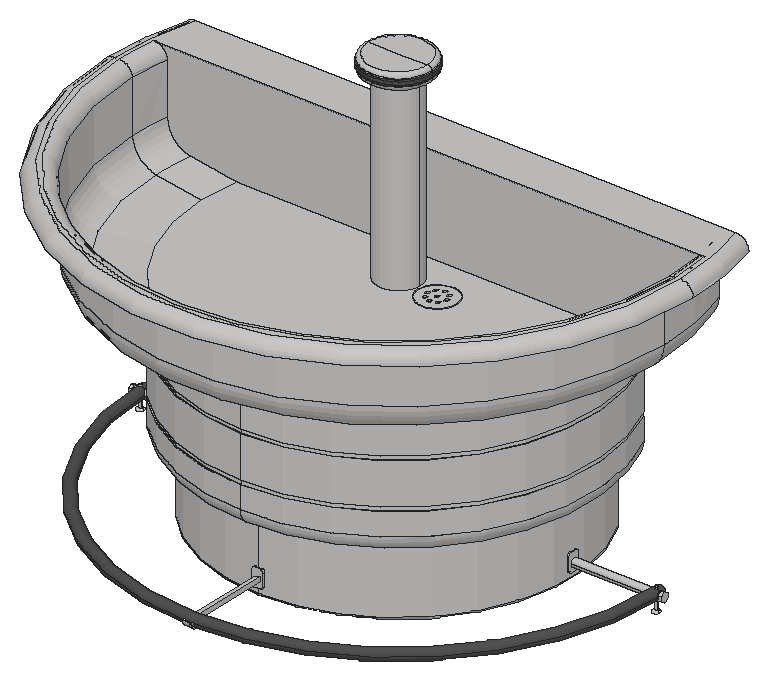
Revit family "Washfountain_Lavatory-Bradley_Corp-WF2704-Type_O_Drain", category Plumbing Fixtures, Revit 2012 (continued)
Lines and regions (in)
  symbolic lines, detail levels medium+fine
    curve 166: line (-18.8966, -5.4365, 28) -> (18.90883, -5.4365, 28)
    curve 176: circle (0, -7.6967, 37.375) r 2.75 normal (0, 0, 1)
    curve 180: arc (-21.2101, -7.75, 28) -> (-20.53249, -6.11411, 28) -> (-18.8966, -5.4365, 28) r 2.3135
    curve 181: arc (21.22689, -7.75456, 28) -> (20.54794, -6.11544, 28) -> (18.90883, -5.4365, 28) r 2.31806
  symbolic lines, visible <- "Sensor Module"
    curve 41: line (-1.99987, -7.6967, 38.03462) -> (1.99987, -7.6967, 38.03462)
    curve 57: line (0, -5.6967, 38.03462) -> (0, -9.69657, 38.03462)
  symbolic lines, visible <- "Sensor Module", detail levels fine
    curve 42: line (-4.49987, -7.6967, 40.30962) -> (4.49987, -7.6967, 40.30962)
    curve 59: line (0, -3.1967, 40.30962) -> (0, -12.1967, 40.30962)
  symbolic lines, visible <- "Sensor Module", detail levels medium
    curve 43: line (-4.57537, -7.6967, 38.86012) -> (4.57537, -7.6967, 38.86012)
    curve 58: line (0, -3.12133, 38.86012) -> (0, -12.27207, 38.86012)
  symbolic lines, visible <- "Soap Dispenser", detail levels medium+fine
    curve 44: line (-6.13971, -7.6967, 44.87453) -> (6.13971, -7.6967, 44.87453)
    curve 60: line (0, -13.83546, 44.87453) -> (0, -5.4467, 44.87453)
    curve 172: line (-4.15684, -5.4467, 45.875) -> (-4.15684, -7.6967, 45.875)
    curve 173: arc (4.15684, -7.6967, 45.875) -> (0, -11.85353, 45.875) -> (-4.15684, -7.6967, 45.875) r 4.15684
    curve 174: line (4.15684, -5.4467, 45.875) -> (4.15684, -7.6967, 45.875)
  symbolic lines, visible <- "Soap Dispenser", detail levels fine
    curve 45: line (6.13971, -7.6967, 45.49971) -> (-6.13971, -7.6967, 45.49971)
    curve 46: line (-5.98301, -7.6967, 44.23265) -> (5.98301, -7.6967, 44.23265)
    curve 47: line (5.93039, -7.6967, 42.98265) -> (-5.93039, -7.6967, 42.98265)
    curve 48: line (-5.87777, -7.6967, 41.73265) -> (5.87777, -7.6967, 41.73265)
    curve 49: line (5.81, -7.6967, 40.48265) -> (-5.81, -7.6967, 40.48265)
    curve 61: line (0, -13.83546, 45.49971) -> (0, -5.4467, 45.49971)
    curve 62: line (0, -13.67876, 44.23265) -> (0, -5.4467, 44.23265)
    curve 63: line (0, -13.62614, 42.98265) -> (0, -5.4467, 42.98265)
    curve 64: line (0, -13.57352, 41.73265) -> (0, -5.4467, 41.73265)
    curve 65: line (0, -13.50574, 40.48265) -> (0, -5.4467, 40.48265)
  model lines, visible <- "Towel Dispenser", detail levels fine
    curve 79: spline (-9.02868, -6.55856, 52.12502) -> (-8.93498, -6.72086, 55.16615) -> (-8.66025, -7.1967, 58.00002) -> (-8.22323, -7.95365, 60.43353) -> (-7.65368, -8.94013, 62.30082) -> (-6.99044, -10.08891, 63.47465) -> (-6.27868, -11.3217, 63.87502) -> (-5.56693, -12.55449, 63.47465) -> (-4.90368, -13.70327, 62.30082) -> (-4.33414, -14.68975, 60.43353) -> (-3.89711, -15.4467, 58.00002) -> (-3.62239, -15.92254, 55.16615) -> (-3.52868, -16.08484, 52.12502)
    curve 80: spline (3.52868, -16.08484, 52.12502) -> (3.62239, -15.92254, 55.16615) -> (3.89711, -15.4467, 58.00002) -> (4.33414, -14.68975, 60.43353) -> (4.90368, -13.70327, 62.30082) -> (5.56693, -12.55449, 63.47465) -> (6.27868, -11.3217, 63.87502) -> (6.99044, -10.08891, 63.47465) -> (7.65368, -8.94013, 62.30082) -> (8.22323, -7.95365, 60.43353) -> (8.66025, -7.1967, 58.00002) -> (8.93498, -6.72086, 55.16615) -> (9.02868, -6.55856, 52.12502)
    curve 81: spline (4.50718, -14.39003, 54.72702) -> (4.52698, -14.35573, 54.7611) -> (4.54543, -14.32377, 54.861) -> (4.56128, -14.29633, 55.01992) -> (4.57344, -14.27528, 55.22702) -> (4.58108, -14.26204, 55.4682) -> (4.58368, -14.25752, 55.72702) -> (4.58108, -14.26204, 55.98584) -> (4.57344, -14.27528, 56.22702) -> (4.56128, -14.29633, 56.43413) -> (4.54543, -14.32377, 56.59305) -> (4.52698, -14.35573, 56.69295) -> (4.50718, -14.39003, 56.72702) -> (4.48738, -14.42432, 56.69295) -> (4.46893, -14.45628, 56.59305) -> (4.45309, -14.48372, 56.43413) -> (4.44093, -14.50478, 56.22702) -> (4.43329, -14.51801, 55.98584) -> (4.43068, -14.52253, 55.72702) -> (4.43329, -14.51801, 55.4682) -> (4.44093, -14.50478, 55.22702) -> (4.45309, -14.48372, 55.01992) -> (4.46893, -14.45628, 54.861) -> (4.48738, -14.42432, 54.7611) -> (4.50718, -14.39003, 54.72702)
    curve 82: spline (-8.05018, -8.25337, 54.72702) -> (-8.03038, -8.28766, 54.7611) -> (-8.01193, -8.31962, 54.861) -> (-7.99609, -8.34706, 55.01992) -> (-7.98393, -8.36812, 55.22702) -> (-7.97629, -8.38136, 55.4682) -> (-7.97368, -8.38587, 55.72702) -> (-7.97629, -8.38136, 55.98584) -> (-7.98393, -8.36812, 56.22702) -> (-7.99609, -8.34706, 56.43413) -> (-8.01193, -8.31962, 56.59305) -> (-8.03038, -8.28766, 56.69295) -> (-8.05018, -8.25337, 56.72702) -> (-8.06998, -8.21907, 56.69295) -> (-8.08843, -8.18712, 56.59305) -> (-8.10428, -8.15968, 56.43413) -> (-8.11644, -8.13862, 56.22702) -> (-8.12408, -8.12538, 55.98584) -> (-8.12668, -8.12087, 55.72702) -> (-8.12408, -8.12538, 55.4682) -> (-8.11644, -8.13862, 55.22702) -> (-8.10428, -8.15968, 55.01992) -> (-8.08843, -8.18712, 54.861) -> (-8.06998, -8.21907, 54.7611) -> (-8.05018, -8.25337, 54.72702)
  symbolic lines, visible <- "Towel Dispenser"
    curve 83: line (-2, -34.71749, 66.063) -> (2, -34.71749, 66.063)
    curve 84: line (-9.02868, -34.71749, 65.37567) -> (-3.52868, -34.71749, 65.37567)
    curve 85: line (-3.52868, -34.71749, 65.37567) -> (-0.06458, -34.71749, 66.063)
    curve 86: line (0.06458, -34.71749, 66.063) -> (3.52868, -34.71749, 65.37567)
    curve 87: line (3.52868, -34.71749, 65.37567) -> (9.02868, -34.71749, 65.37567)
    curve 88: line (3.52868, -34.71749, 65.37567) -> (3.52868, -34.71749, 52.12502)
    curve 89: line (3.52868, -34.71749, 52.12502) -> (9.02868, -34.71749, 52.12502)
    curve 90: line (3.52868, -34.71749, 52.12502) -> (1.58013, -34.71749, 50.75)
    curve 91: line (0.06458, -34.71749, 50.75) -> (0.06458, -34.71749, 66.063)
    curve 92: line (-0.06458, -34.71749, 66.063) -> (-0.06458, -34.71749, 50.75)
    curve 93: line (-9.02868, -34.71749, 52.12502) -> (-3.52868, -34.71749, 52.12502)
    curve 94: line (-3.52868, -34.71749, 52.12502) -> (-1.58013, -34.71749, 50.75)
    curve 95: line (-3.52868, -34.71749, 52.12502) -> (-3.52868, -34.71749, 65.37567)
    curve 108: line (0, -4.4467, 66.063) -> (0, -4.4467, 50.75)
    curve 109: line (0, -4.55856, 66.063) -> (0, -4.55856, 50.75)
    curve 110: line (0, -6.55856, 65.37567) -> (0, -4.55856, 66.063)
    curve 111: line (0, -6.55856, 52.12502) -> (0, -6.55856, 65.37567)
    curve 112: line (0, -6.55856, 65.37567) -> (0, -16.08484, 65.37567)
    curve 113: line (0, -5.6967, 66.063) -> (0, -9.6967, 66.063)
    curve 116: line (0, -5.43356, 50.75) -> (0, -6.55856, 52.12502)
    curve 117: line (0, -6.55856, 52.12502) -> (0, -16.08484, 52.12502)
    curve 123: line (-5.56458, 0, 66.063) -> (-5.56458, 0, 50.75)
    curve 124: line (5.56458, 0, 66.063) -> (5.56458, 0, 50.75)
    curve 125: line (-5.56458, 0, 65.37567) -> (5.56458, 0, 65.37567)
    curve 126: line (-5.56458, 0, 64.87567) -> (5.56458, 0, 64.87567)
    curve 127: line (-5.56458, 0, 52.3286) -> (5.56458, 0, 52.3286)
    curve 128: line (-5.56458, 0, 51.8286) -> (5.56458, 0, 51.8286)
    curve 129: line (-2, 0, 50.75) -> (-2, 0, 51.8286)
    curve 130: line (2.00013, 0, 50.75) -> (2.00013, 0, 51.8286)
    curve 131: line (2, 0, 52.3286) -> (2, 0, 64.87567)
    curve 132: line (2, 0, 65.37567) -> (2, 0, 66.063)
    curve 133: line (-2, 0, 66.063) -> (-2, 0, 65.37567)
    curve 134: line (-2, 0, 64.87567) -> (-2, 0, 52.3286)
    curve 135: line (-2, -34.71749, 50.75) -> (2.00013, -34.71749, 50.75)
    curve 168: line (-0.06458, -14.08484, 50.75) -> (-5.56458, -4.55856, 50.75)
    curve 169: line (5.56458, -4.55856, 50.75) -> (0.06458, -14.08484, 50.75)
    curve 171: circle (0, -7.6967, 50.75) r 2 normal (0, 0, 1)
  symbolic lines, visible <- "Towel Dispenser", detail levels fine
    curve 96: spline (-9.02868, -34.71749, 52.12502) -> (-8.93498, -34.71749, 55.16615) -> (-8.66025, -34.71749, 58.00002) -> (-8.22323, -34.71749, 60.43353) -> (-7.65368, -34.71749, 62.30082) -> (-6.99044, -34.71749, 63.47465) -> (-6.27868, -34.71749, 63.87502) -> (-5.56693, -34.71749, 63.47465) -> (-4.90368, -34.71749, 62.30082) -> (-4.33414, -34.71749, 60.43353) -> (-3.89711, -34.71749, 58.00002) -> (-3.62239, -34.71749, 55.16615) -> (-3.52868, -34.71749, 52.12502)
    curve 97: spline (3.52868, -34.71749, 52.12502) -> (3.62239, -34.71749, 55.16615) -> (3.89711, -34.71749, 58.00002) -> (4.33414, -34.71749, 60.43353) -> (4.90368, -34.71749, 62.30082) -> (5.56693, -34.71749, 63.47465) -> (6.27868, -34.71749, 63.87502) -> (6.99044, -34.71749, 63.47465) -> (7.65368, -34.71749, 62.30082) -> (8.22323, -34.71749, 60.43353) -> (8.66025, -34.71749, 58.00002) -> (8.93498, -34.71749, 55.16615) -> (9.02868, -34.71749, 52.12502)
    curve 98: spline (-8.05018, -34.71749, 54.72702) -> (-8.03038, -34.71749, 54.7611) -> (-8.01193, -34.71749, 54.861) -> (-7.99609, -34.71749, 55.01992) -> (-7.98393, -34.71749, 55.22702) -> (-7.97629, -34.71749, 55.4682) -> (-7.97368, -34.71749, 55.72702) -> (-7.97629, -34.71749, 55.98584) -> (-7.98393, -34.71749, 56.22702) -> (-7.99609, -34.71749, 56.43413) -> (-8.01193, -34.71749, 56.59305) -> (-8.03038, -34.71749, 56.69295) -> (-8.05018, -34.71749, 56.72702) -> (-8.06998, -34.71749, 56.69295) -> (-8.08843, -34.71749, 56.59305) -> (-8.10428, -34.71749, 56.43413) -> (-8.11644, -34.71749, 56.22702) -> (-8.12408, -34.71749, 55.98584) -> (-8.12668, -34.71749, 55.72702) -> (-8.12408, -34.71749, 55.4682) -> (-8.11644, -34.71749, 55.22702) -> (-8.10428, -34.71749, 55.01992) -> (-8.08843, -34.71749, 54.861) -> (-8.06998, -34.71749, 54.7611) -> (-8.05018, -34.71749, 54.72702)
    curve 99: spline (4.50718, -34.71749, 54.72702) -> (4.52698, -34.71749, 54.7611) -> (4.54543, -34.71749, 54.861) -> (4.56128, -34.71749, 55.01992) -> (4.57344, -34.71749, 55.22702) -> (4.58108, -34.71749, 55.4682) -> (4.58368, -34.71749, 55.72702) -> (4.58108, -34.71749, 55.98584) -> (4.57344, -34.71749, 56.22702) -> (4.56128, -34.71749, 56.43413) -> (4.54543, -34.71749, 56.59305) -> (4.52698, -34.71749, 56.69295) -> (4.50718, -34.71749, 56.72702) -> (4.48738, -34.71749, 56.69295) -> (4.46893, -34.71749, 56.59305) -> (4.45309, -34.71749, 56.43413) -> (4.44093, -34.71749, 56.22702) -> (4.43329, -34.71749, 55.98584) -> (4.43068, -34.71749, 55.72702) -> (4.43329, -34.71749, 55.4682) -> (4.44093, -34.71749, 55.22702) -> (4.45309, -34.71749, 55.01992) -> (4.46893, -34.71749, 54.861) -> (4.48738, -34.71749, 54.7611) -> (4.50718, -34.71749, 54.72702)
    curve 114: spline (0, -6.55856, 52.12502) -> (0, -6.72086, 55.16615) -> (0, -7.1967, 58.00002) -> (0, -7.95365, 60.43353) -> (0, -8.94013, 62.30082) -> (0, -10.08891, 63.47465) -> (0, -11.3217, 63.87502) -> (0, -12.55449, 63.47465) -> (0, -13.70327, 62.30082) -> (0, -14.68975, 60.43353) -> (0, -15.4467, 58.00002) -> (0, -15.92254, 55.16615) -> (0, -16.08484, 52.12502)
    curve 115: spline (0, -14.39003, 54.72702) -> (0, -14.35573, 54.7611) -> (0, -14.32377, 54.861) -> (0, -14.29633, 55.01992) -> (0, -14.27528, 55.22702) -> (0, -14.26204, 55.4682) -> (0, -14.25752, 55.72702) -> (0, -14.26204, 55.98584) -> (0, -14.27528, 56.22702) -> (0, -14.29633, 56.43413) -> (0, -14.32377, 56.59305) -> (0, -14.35573, 56.69295) -> (0, -14.39003, 56.72702) -> (0, -14.42432, 56.69295) -> (0, -14.45628, 56.59305) -> (0, -14.48372, 56.43413) -> (0, -14.50478, 56.22702) -> (0, -14.51801, 55.98584) -> (0, -14.52253, 55.72702) -> (0, -14.51801, 55.4682) -> (0, -14.50478, 55.22702) -> (0, -14.48372, 55.01992) -> (0, -14.45628, 54.861) -> (0, -14.42432, 54.7611) -> (0, -14.39003, 54.72702)
  symbolic lines, visible <- "Towel Dispenser", detail levels medium+fine
    curve 100: line (-7.85863, -34.71749, 51.8286) -> (-3.85863, -34.71749, 51.8286)
    curve 101: spline (-3.85863, -34.71749, 51.8286) -> (-3.74268, -34.71749, 51.81528) -> (-3.59687, -34.71749, 51.77621) -> (-3.43113, -34.71749, 51.71406) -> (-3.25676, -34.71749, 51.63306) -> (-3.08563, -34.71749, 51.53873) -> (-2.92941, -34.71749, 51.43751) -> (-2.79874, -34.71749, 51.33629) -> (-2.70254, -34.71749, 51.24197) -> (-2.64735, -34.71749, 51.16097) -> (-2.63694, -34.71749, 51.09882) -> (-2.67201, -34.71749, 51.05975) -> (-2.75019, -34.71749, 51.04642)
    curve 102: line (-2.75019, -34.71749, 51.04642) -> (-6.75019, -34.71749, 51.04642)
    curve 103: spline (-6.75019, -34.71749, 51.04642) -> (-6.86613, -34.71749, 51.05975) -> (-7.01194, -34.71749, 51.09882) -> (-7.17768, -34.71749, 51.16097) -> (-7.35206, -34.71749, 51.24197) -> (-7.52319, -34.71749, 51.33629) -> (-7.67941, -34.71749, 51.43751) -> (-7.81007, -34.71749, 51.53873) -> (-7.90628, -34.71749, 51.63306) -> (-7.96146, -34.71749, 51.71406) -> (-7.97187, -34.71749, 51.77621) -> (-7.9368, -34.71749, 51.81528) -> (-7.85863, -34.71749, 51.8286)
    curve 104: line (7.85863, -34.71749, 51.8286) -> (3.85863, -34.71749, 51.8286)
    curve 105: spline (3.85863, -34.71749, 51.8286) -> (3.74268, -34.71749, 51.81528) -> (3.59687, -34.71749, 51.77621) -> (3.43113, -34.71749, 51.71406) -> (3.25676, -34.71749, 51.63306) -> (3.08563, -34.71749, 51.53873) -> (2.92941, -34.71749, 51.43751) -> (2.79874, -34.71749, 51.33629) -> (2.70254, -34.71749, 51.24197) -> (2.64735, -34.71749, 51.16097) -> (2.63694, -34.71749, 51.09882) -> (2.67201, -34.71749, 51.05975) -> (2.75019, -34.71749, 51.04642)
    curve 106: line (2.75019, -34.71749, 51.04642) -> (6.75019, -34.71749, 51.04642)
    curve 107: spline (6.75019, -34.71749, 51.04642) -> (6.86613, -34.71749, 51.05975) -> (7.01194, -34.71749, 51.09882) -> (7.17768, -34.71749, 51.16097) -> (7.35206, -34.71749, 51.24197) -> (7.52319, -34.71749, 51.33629) -> (7.67941, -34.71749, 51.43751) -> (7.81007, -34.71749, 51.53873) -> (7.90628, -34.71749, 51.63306) -> (7.96146, -34.71749, 51.71406) -> (7.97187, -34.71749, 51.77621) -> (7.9368, -34.71749, 51.81528) -> (7.85863, -34.71749, 51.8286)
    curve 118: spline (0, -7.61507, 51.8286) -> (0, -7.43606, 51.81528) -> (0, -7.24745, 51.77621) -> (0, -7.06208, 51.71406) -> (0, -6.89258, 51.63306) -> (0, -6.75052, 51.53873) -> (0, -6.64558, 51.43751) -> (0, -6.58489, 51.33629) -> (0, -6.57261, 51.24197) -> (0, -6.60956, 51.16097) -> (0, -6.69323, 51.09882) -> (0, -6.81791, 51.05975) -> (0, -6.97512, 51.04642)
    curve 119: line (0, -6.97512, 51.04642) -> (0, -13.90332, 51.04642)
    curve 120: spline (0, -13.90332, 51.04642) -> (0, -14.08233, 51.05975) -> (0, -14.27095, 51.09882) -> (0, -14.45632, 51.16097) -> (0, -14.62581, 51.24197) -> (0, -14.76787, 51.33629) -> (0, -14.87282, 51.43751) -> (0, -14.9335, 51.53873) -> (0, -14.94579, 51.63306) -> (0, -14.90884, 51.71406) -> (0, -14.82517, 51.77621) -> (0, -14.70048, 51.81528) -> (0, -14.54328, 51.8286)
    curve 121: line (0, -14.54328, 51.8286) -> (0, -7.61507, 51.8286)
    curve 167: line (-7.08013, -5.43356, 50.75) -> (-1.58013, -14.95984, 50.75)
    curve 170: line (1.58013, -14.95984, 50.75) -> (7.08013, -5.43356, 50.75)
  model lines, detail levels medium+fine
    curve 137: circle (4, -8.25, 19.12) r 1.25 normal (0, 0, 1)
  symbolic lines, visible <- "Foot Control Valve", detail levels fine
    curve 155: line (0, -7.5767, 0.1445) -> (0, -7.8167, 0.1445)
    curve 156: circle (0, -7.75001, 1.425) r 0.36122 normal (1, 0, 0)
    curve 157: line (0, -7.5767, 1.99999) -> (0, -7.8167, 1.99999)
    curve 158: line (0, -7.8167, 1.99999) -> (0, -7.8167, 1.9244)
    curve 159: line (0, -7.5767, 1.99999) -> (0, -7.5767, 1.9244)
    curve 160: line (0, -7.5767, 0.67154) -> (0, -7.5767, 0.92558)
    curve 161: line (0, -7.8167, 0.67154) -> (0, -7.8167, 0.92558)
    curve 182: line (-0.40046, -36.21749, 0.92558) -> (-0.40046, -36.21749, 0.82558)
    curve 183: line (-0.40046, -36.21749, 0.82558) -> (0.4, -36.21749, 0.82558)
    curve 184: line (0.4, -36.21749, 0.82558) -> (0.4, -36.21749, 0.92558)
    curve 185: line (-24.01563, 0, 1.7965) -> (-24.01563, 0, 1.0535)
    curve 186: line (-24.32813, 0, 1.21051) -> (-24.01563, 0, 1.21051)
    curve 187: line (-24.32813, 0, 1.63949) -> (-24.01563, 0, 1.63949)
    curve 188: line (-23.69813, 0, 0.1445) -> (-23.45813, 0, 0.1445)
    curve 189: line (24.04349, 0, 1.7965) -> (24.04349, 0, 1.0535)
    curve 190: line (24.37917, 0, 1.21051) -> (24.04349, 0, 1.21051)
    curve 191: line (24.37923, 0, 1.63949) -> (24.04349, 0, 1.63949)
    curve 192: line (23.69813, 0, 0.1445) -> (23.45813, 0, 0.1445)
  symbolic lines, visible <- "Foot Control Valve", detail levels coarse+medium
    curve 162: line (-0.40046, -34.71749, 0.92558) -> (0.4, -34.71749, 0.92558)
  symbolic lines, visible <- "Sensor Module", detail levels medium+fine
    curve 175: circle (0, -7.6967, 40.875) r 3.75 normal (0, 0, 1)
Dimensions and locks (in)
  equal spacing: plane 4 "Left", plane 3 "Center (Left/Right)", plane 5 "Right"
  "Width": plane 4 "Left" to plane 5 "Right"
  "Towel Dispenser Height": plane 6 "Towel Dispenser" to plane 2
  "Soap Dispenser Height": plane 7 "Soap Dispenser" to plane 2
  "Sensor Module Height": plane 8 "Sensor Module" to plane 2
  "Spray Head Height": plane 9 "Spray Head" to plane 2
  "Rim Height": plane 10 "Rim Height" to plane 2
  "Pedestal Height": plane 11 "Pedestal Height" to plane 2
  locked: plane 9 "Spray Head" to Revolve 7 sketch curve at 1.38963
  locked: plane 9 "Spray Head" to Revolve 8 sketch curve at 1.38963
  locked: plane 9 "Spray Head" to Masking region 1 sketch curve at 1.38963  (x2)
  locked: plane 9 "Spray Head" to Masking region 2 sketch curve at 1.38963  (x2)
  locked: plane 8 "Sensor Module" to Revolve 9 sketch curve at 2.84038
  locked: plane 8 "Sensor Module" to Revolve 10 sketch curve at 2.84038
  locked: plane 8 "Sensor Module" to Masking region 3 sketch curve at 2.84038  (x2)
  locked: plane 8 "Sensor Module" to Masking region 4 sketch curve at 2.84038  (x2)
  locked: plane 7 "Soap Dispenser" to plane 13 at 6
  locked: plane 8 "Sensor Module" to Masking region 10 sketch curve at 2.84038  (x2)
  locked: plane 8 "Sensor Module" to Masking region 9 sketch curve at 2.84038  (x2)
  plane 14 "Front" to plane 1 "Center (Front/Back)" = 34.71749"
  locked: curve 76 to Extrusion 16 sketch curve at 15.313
  locked: curve 76 to Extrusion 16 sketch curve at 15.16279
  locked: Extrusion 16 sketch curve to curve 76 at 4
  locked: Extrusion 16 sketch curve to Extrusion 16 sketch curve at 1.37502
  locked: curve 77 to Extrusion 17 sketch curve at 4
  locked: curve 77 to Extrusion 17 sketch curve at 15.313
  locked: curve 77 to Extrusion 17 sketch curve at 15.16279
  locked: Extrusion 17 sketch curve to Extrusion 17 sketch curve at 1.37502
  locked: Extrusion 19 to Extrusion 16 at 1
  "Towel Dispenser Holder": plane 6 "Towel Dispenser" to Extrusion 19
  "Soap Dispenser Holder": plane 13 to Extrusion 20
  "Towel Dispenser Holder": plane 6 "Towel Dispenser" to Masking region 21
  "Soap Dispenser Holder": plane 13 to Masking region 22
  "Towel Dispenser Holder": plane 6 "Towel Dispenser" to Masking region 24
  "Soap Dispenser Holder": Masking region 23 to plane 13
  Extrusion 33 sketch curve to plane 1 "Center (Front/Back)" = 8.250"
  locked: Extrusion 33 to plane 2 at 3
  "Vent Height": Extrusion 34 to plane 2
  locked: plane 1 "Center (Front/Back)" to Extrusion 35 at 2.5
  locked: plane 7 "Soap Dispenser" to Revolve 12 sketch curve at 1.00047
  locked: plane 7 "Soap Dispenser" to Revolve 39 sketch curve at 1.00047
  locked: plane 7 "Soap Dispenser" to Extrusion 14 sketch curve at 1.00047
  locked: plane 7 "Soap Dispenser" to Extrusion 40 sketch curve at 1.00047
  locked: plane 8 "Sensor Module" to Extrusion 41 sketch curve at 1.29013
  locked: plane 8 "Sensor Module" to Extrusion 42 sketch curve at 1.29013
  Extrusion 34 sketch curve to plane 3 "Center (Left/Right)" to Extrusion 34 sketch curve = 0.875" locked, 0.875" locked
  locked: Extrusion 34 sketch curve to plane 1 "Center (Front/Back)" at 7  (x2)
  locked: plane 3 "Center (Left/Right)" to Extrusion 33 sketch curve at 4
  "Drain Height": Extrusion 46 sketch curve to plane 2
  locked: Extrusion 46 sketch curve to plane 3 "Center (Left/Right)" at 4
  locked: plane 1 "Center (Front/Back)" to Extrusion 46 at 2.99973
  radius of Extrusion 19 sketch curve = 2.000"
  radius of Extrusion 20 sketch curve = 2.000"
  "Drain Secondary Radius": radius of Extrusion 33 sketch curve
  "Hot Lavatory Inlet Radius": radius of Extrusion 34 sketch curve
  "Cold Lavatory Inlet Radius": radius of Extrusion 34 sketch curve
  "Drain Primary Radius": radius of Extrusion 46 sketch curve
  aligned and locked: Extrusion 2 sketch curve to plane 1 "Center (Front/Back)"
  aligned and locked: Extrusion 2 to plane 2
  aligned and locked: plane 9 "Spray Head" to Extrusion 2
  aligned and locked: plane 12 to Revolve 4 sketch curve
  aligned and locked: plane 12 to Revolve 5 sketch curve
  aligned and locked: plane 12 to Revolve 6 sketch curve
  aligned and locked: Revolve 7 sketch curve to plane 3 "Center (Left/Right)"
  aligned and locked: Revolve 8 sketch curve to plane 3 "Center (Left/Right)"
  aligned and locked: plane 11 "Pedestal Height" to Revolve 7 sketch curve
  aligned and locked: Revolve 7 sketch curve to plane 9 "Spray Head"
  aligned and locked: Revolve 8 sketch curve to plane 11 "Pedestal Height"
  aligned and locked: Masking region 1 sketch curve to plane 10 "Rim Height"
  aligned and locked: Masking region 2 sketch curve to plane 10 "Rim Height"
  aligned and locked: Masking region 2 sketch curve to plane 9 "Spray Head"
  aligned and locked: Revolve 9 sketch curve to plane 8 "Sensor Module"
  aligned and locked: Revolve 9 sketch curve to plane 9 "Spray Head"
  aligned and locked: Revolve 9 sketch curve to plane 3 "Center (Left/Right)"
  aligned and locked: Revolve 10 sketch curve to plane 3 "Center (Left/Right)"
  aligned and locked: Revolve 10 sketch curve to plane 9 "Spray Head"
  aligned and locked: Masking region 3 sketch curve to plane 9 "Spray Head"
  aligned and locked: Masking region 4 sketch curve to plane 9 "Spray Head"
  aligned and locked: Masking region 4 sketch curve to plane 8 "Sensor Module"
  aligned and locked: Revolve 11 sketch curve to plane 7 "Soap Dispenser"
  aligned and locked: plane 13 to Revolve 11 sketch curve
  aligned and locked: Revolve 11 sketch curve to plane 3 "Center (Left/Right)"
  aligned and locked: Revolve 12 sketch curve to plane 3 "Center (Left/Right)"
  aligned and locked: Masking region 5 sketch curve to plane 7 "Soap Dispenser"
  aligned and locked: Masking region 5 sketch curve to plane 13
  aligned and locked: Masking region 6 sketch curve to plane 7 "Soap Dispenser"
  aligned and locked: plane 13 to Masking region 6 sketch curve
  aligned and locked: Extrusion 13 sketch curve to plane 7 "Soap Dispenser"
  aligned and locked: plane 13 to Extrusion 13 sketch curve
  aligned and locked: plane 13 to Extrusion 14 sketch curve
  aligned and locked: plane 9 "Spray Head" to Masking region 9 sketch curve
  aligned and locked: Masking region 9 sketch curve to plane 8 "Sensor Module"
  aligned and locked: Masking region 10 sketch curve to plane 8 "Sensor Module"
  aligned and locked: Masking region 10 sketch curve to plane 9 "Spray Head"
  aligned and locked: Masking region 11 sketch curve to plane 10 "Rim Height"
  aligned and locked: Masking region 11 sketch curve to plane 9 "Spray Head"
  aligned and locked: Masking region 12 sketch curve to plane 10 "Rim Height"
  aligned and locked: Masking region 15 sketch curve to plane 11 "Pedestal Height"
  aligned and locked: Masking region 15 sketch curve to plane 2
  aligned and locked: Masking region 16 sketch curve to plane 11 "Pedestal Height"
  aligned and locked: Masking region 16 sketch curve to plane 2
  aligned and locked: Masking region 17 sketch curve to plane 10 "Rim Height"
  aligned and locked: Masking region 17 sketch curve to plane 11 "Pedestal Height"
  aligned and locked: Masking region 18 sketch curve to plane 10 "Rim Height"
  aligned and locked: plane 11 "Pedestal Height" to Masking region 18 sketch curve
  aligned and locked: Masking region 19 sketch curve to plane 11 "Pedestal Height"
  aligned and locked: plane 2 to Masking region 19 sketch curve
  aligned and locked: Masking region 20 sketch curve to plane 11 "Pedestal Height"
  aligned and locked: plane 2 to Masking region 20 sketch curve
  aligned and locked: plane 12 to Extrusion 15 sketch curve
  aligned and locked: plane 3 "Center (Left/Right)" to Extrusion 15 sketch curve
  aligned and locked: plane 12 to Extrusion 18 sketch curve
  aligned and locked: plane 3 "Center (Left/Right)" to Extrusion 18 sketch curve
  aligned and locked: plane 12 to Extrusion 19 sketch curve
  aligned and locked: plane 3 "Center (Left/Right)" to Extrusion 19 sketch curve
  aligned and locked: plane 12 to Extrusion 20 sketch curve
  aligned and locked: plane 3 "Center (Left/Right)" to Extrusion 20 sketch curve
  aligned and locked: Extrusion 20 to plane 13
  aligned and locked: plane 6 "Towel Dispenser" to Masking region 21
  aligned and locked: Masking region 22 to plane 13
  aligned and locked: plane 13 to Masking region 23
  aligned and locked: Masking region 24 to plane 6 "Towel Dispenser"
  aligned and locked: Extrusion 22 to plane 11 "Pedestal Height"
  aligned and locked: plane 2 to Blend 28
  aligned and locked: Blend 27 to plane 2
  aligned and locked: Blend 28 to Extrusion 26
  aligned and locked: plane 3 "Center (Left/Right)" to Masking region 32 sketch curve
  aligned and locked: plane 3 "Center (Left/Right)" to curve 171
  aligned and locked: plane 12 to curve 171
  aligned and locked: plane 3 "Center (Left/Right)" to Masking region 35 sketch curve
  aligned and locked: plane 12 to Masking region 35 sketch curve
  aligned and locked: plane 12 to curve 175
  aligned and locked: plane 3 "Center (Left/Right)" to curve 175
  aligned and locked: plane 12 to Masking region 36 sketch curve
  aligned and locked: plane 3 "Center (Left/Right)" to Masking region 36 sketch curve
  aligned and locked: plane 12 to curve 176
  aligned and locked: plane 3 "Center (Left/Right)" to curve 176
  aligned and locked: Extrusion 33 to plane 2
  aligned and locked: Extrusion 34 to plane 2
  aligned and locked: Extrusion 35 to plane 1 "Center (Front/Back)"
  aligned and locked: Masking region 30 to Extrusion 32
  aligned and locked: Revolve 39 sketch curve to plane 3 "Center (Left/Right)"
  aligned and locked: Extrusion 40 sketch curve to plane 7 "Soap Dispenser"
  aligned and locked: plane 11 "Pedestal Height" to Sweep 3 sketch curve
  aligned and locked: plane 3 "Center (Left/Right)" to Extrusion 41 sketch curve
  aligned and locked: plane 3 "Center (Left/Right)" to Extrusion 42 sketch curve
  aligned and locked: Extrusion 41 to Masking region 9
  aligned and locked: Extrusion 42 to Masking region 10
  aligned and locked: Masking region 9 to Extrusion 42
  aligned and locked: Masking region 37 sketch curve to Extrusion 41  (x2)
  aligned and locked: Extrusion 42 to Masking region 38 sketch curve
  aligned and locked: Masking region 38 sketch curve to Extrusion 42
  aligned and locked: cut or joined group of Sweep 1, Extrusion 2, Extrusion 22, Extrusion 44, Sweep 45 to Extrusion 21
  aligned and locked: plane 3 "Center (Left/Right)" to curve 13
  aligned and locked: Extrusion 43 to cut or joined group of Extrusion 2, Sweep 3, Extrusion 22, Extrusion 43
  aligned and locked: Extrusion 43 to curve 13
  aligned and locked: cut or joined group of Extrusion 2, Sweep 3, Extrusion 22, Extrusion 43 to curve 24
  aligned and locked: curve 33 to cut or joined group of Extrusion 2, Sweep 3, Extrusion 22, Extrusion 43
  aligned and locked: Extrusion 46 to plane 1 "Center (Front/Back)"
Automatic sketch dimensions
  level to curve 186 = 1.21051"
  plane 4 "Left" to curve 186 = 2.67187"
  curve 187 to curve 186 = 0.000"
  curve 186 to curve 186 = 0.3125"
  level to curve 188 = 0.1445"
  curve 185 to curve 188 = 0.3175"
  curve 188 to curve 188 = 0.240"
  level to curve 192 = 0.1445"
  curve 192 to plane 5 "Right" = 3.54187"
  curve 192 to curve 192 = 0.240"
  curve 192 to curve 190 = 0.34536"
  curve 190 to curve 190 = 0.33568"
  curve 191 to curve 191 = 0.33574"
  curve 192 to curve 189 = 0.909"
  curve 185 to curve 186 = 0.15701"
  curve 189 to curve 190 = 0.15701"
  curve 186 to curve 187 = 0.42897"
  curve 190 to curve 191 = 0.42897"
  curve 191 to curve 189 = 0.15701"
  curve 187 to curve 185 = 0.15701"
  curve 149 to plane 12 = 0.000"
  curve 149 to plane 3 "Center (Left/Right)" = 0.000"
  plane 4 "Left" to curve 150 = 2.99154"
  plane 12 to curve 151 = 0.500"
  plane 12 to curve 150 = 0.500"
  curve 163 to plane 3 "Center (Left/Right)" = 1.500"
  plane 3 "Center (Left/Right)" to curve 163 = 1.500"
  curve 163 to plane 14 "Front" = 1.500"
  curve 1 to plane 1 "Center (Front/Back)" = 0.000"
  curve 2 to plane 3 "Center (Left/Right)" = 0.000"
  plane 3 "Center (Left/Right)" to curve 1 = 3.000"
  curve 1 to plane 3 "Center (Left/Right)" = 3.000"
  curve 2 to plane 1 "Center (Front/Back)" = 3.000"
  plane 1 "Center (Front/Back)" to curve 2 = 3.000"
  curve 3 to plane 12 = 0.000"
  curve 4 to plane 3 "Center (Left/Right)" = 0.000"
  plane 3 "Center (Left/Right)" to curve 3 = 3.000"
  curve 3 to plane 3 "Center (Left/Right)" = 3.000"
  plane 12 to curve 4 = 3.000"
  curve 4 to plane 12 = 3.000"
  curve 5 to plane 12 = 0.000"
  curve 6 to plane 3 "Center (Left/Right)" = 0.000"
  plane 3 "Center (Left/Right)" to curve 5 = 3.000"
  curve 5 to plane 3 "Center (Left/Right)" = 3.000"
  plane 12 to curve 6 = 3.000"
  curve 6 to plane 12 = 3.000"
  curve 7 to plane 12 = 0.000"
  curve 8 to plane 3 "Center (Left/Right)" = 0.000"
  plane 3 "Center (Left/Right)" to curve 7 = 3.000"
  curve 7 to plane 3 "Center (Left/Right)" = 3.000"
  plane 12 to curve 8 = 3.000"
  curve 8 to plane 12 = 3.000"
  curve 122 to plane 1 "Center (Front/Back)" = 0.000"
  curve 9 to plane 12 = 0.000"
  curve 136 to plane 14 "Front" = 0.000"
  curve 10 to plane 3 "Center (Left/Right)" = 0.000"
  plane 3 "Center (Left/Right)" to curve 77 = 0.06458"
  plane 3 "Center (Left/Right)" to curve 136 = 3.000"
  plane 3 "Center (Left/Right)" to curve 9 = 3.000"
  plane 3 "Center (Left/Right)" to curve 122 = 3.000"
  curve 78 to curve 9 = 2.500"
  curve 77 to curve 78 = 0.06458"
  curve 76 to plane 3 "Center (Left/Right)" = 0.06458"
  curve 122 to plane 3 "Center (Left/Right)" = 3.000"
  curve 9 to plane 3 "Center (Left/Right)" = 3.000"
  curve 136 to plane 3 "Center (Left/Right)" = 3.000"
  curve 9 to curve 78 = 2.500"
  curve 78 to curve 76 = 0.06458"
  plane 12 to curve 78 = 3.250"
  curve 78 to curve 76 = 0.11186"
  curve 78 to curve 77 = 0.11186"
  plane 12 to curve 10 = 3.000"
  curve 10 to plane 12 = 3.000"
  curve 10 to curve 76 = 3.38814"
  curve 77 to curve 76 = 0.000"
  curve 12 to plane 1 "Center (Front/Back)" = 0.000"
  curve 11 to plane 3 "Center (Left/Right)" = 0.000"
  plane 3 "Center (Left/Right)" to curve 12 = 3.000"
  curve 12 to plane 3 "Center (Left/Right)" = 3.000"
  curve 11 to plane 1 "Center (Front/Back)" = 3.000"
  plane 1 "Center (Front/Back)" to curve 11 = 3.000"
  curve 138 to curve 139 = 0.000"
  curve 138 to curve 140 = 0.000"  (x2)
  curve 139 to curve 140 = 0.000"
  curve 164 to plane 3 "Center (Left/Right)" = 0.000"
  plane 12 to curve 165 = 0.00049"
  plane 3 "Center (Left/Right)" to curve 165 = 0.0084"
  curve 141 to plane 12 = 0.5533"
  plane 3 "Center (Left/Right)" to curve 141 = 3.12229"
  curve 148 to curve 141 = 0.25708"
  plane 12 to curve 142 = 0.06733"
  curve 142 to curve 141 = 0.25708"
  curve 147 to curve 148 = 0.62063"
  curve 139 to curve 142 = 0.62063"
  plane 12 to curve 143 = 0.32441"
  curve 143 to curve 142 = 0.62063"
  curve 146 to curve 147 = 0.62063"
  plane 12 to curve 144 = 0.06733"
  curve 144 to curve 143 = 0.62063"
  curve 145 to curve 144 = 0.25708"
  curve 181 to plane 12 = 0.05786"
  curve 181 to plane 5 "Right" = 8.09117"
  curve 179 to curve 166 = 0.59122"
  curve 181 to curve 179 = 1.72684"
  curve 164 to curve 165 = 1.90899"
  curve 180 to plane 12 = 0.0533"
  curve 166 to curve 177 = 0.60345"
  curve 178 to curve 166 = 1.31866"
  curve 13 to curve 164 = 0.00244"
  curve 138 to plane 12 = 0.5533"
  curve 145 to plane 12 = 0.5533"
  curve 145 to curve 146 = 0.62063"
  curve 141 to curve 148 = 0.62063"
  curve 148 to curve 147 = 0.25708"
  Sweep 1 sketch curve to Sweep 1 sketch curve = 0.000"  (x9)
  Sweep 1 sketch curve to profile plane = 0.000"  (x2)
  Sweep 1 sketch curve to profile plane = 0.03252"
  Sweep 1 sketch curve to Sweep 1 sketch curve = 0.120"  (x2)
  profile plane to Sweep 1 sketch curve = 0.00011"
  Sweep 1 sketch curve to profile plane = 1.15752"
  Sweep 1 sketch curve to Sweep 1 sketch curve = 0.410"
  Sweep 1 sketch curve to Sweep 1 sketch curve = 1.005"
  Sweep 1 sketch curve to profile plane = 2.61371"
  Sweep 1 sketch curve to profile plane = 1.125"
  Sweep 1 sketch curve to Sweep 1 sketch curve = 0.11999"
  Sweep 1 sketch curve to Sweep 1 sketch curve = 2.12234"
  Sweep 1 sketch curve to Sweep 1 sketch curve = 0.01728"
  Sweep 1 sketch curve to Sweep 1 sketch curve = 0.360"
  Sweep 1 sketch curve to Sweep 1 sketch curve = 4.17649"
  Sweep 1 sketch curve to Sweep 1 sketch curve = 0.00869"
  Sweep 1 sketch curve to Sweep 1 sketch curve = 16.01209"
  Sweep 1 sketch curve to Sweep 1 sketch curve = 0.00025"
  Sweep 1 sketch curve to Sweep 1 sketch curve = 4.67455"
  Sweep 1 sketch curve to Sweep 1 sketch curve = 0.04363"
  Sweep 1 sketch curve to Sweep 1 sketch curve = 0.00156"
  Sweep 1 sketch curve to profile plane = 8.880"
  Sweep 1 sketch curve to Sweep 1 sketch curve = 0.00011"
  Extrusion 2 sketch curve to plane 5 "Right" = 0.000"
  Extrusion 2 sketch curve to plane 4 "Left" = 0.000"
  Extrusion 2 sketch curve to plane 1 "Center (Front/Back)" = 20.000"
  Sweep 3 sketch curve to profile plane = 0.000"
  Sweep 3 sketch curve to profile plane = 0.03243"
  Sweep 3 sketch curve to Sweep 3 sketch curve = 0.12013"
  Sweep 3 sketch curve to profile plane = 0.120"
  Sweep 3 sketch curve to Sweep 3 sketch curve = 2.42506"
  Sweep 3 sketch curve to Sweep 3 sketch curve = 0.120"
  Sweep 3 sketch curve to profile plane = 8.880"
  Sweep 3 sketch curve to Sweep 3 sketch curve = 22.35569"
  Sweep 3 sketch curve to Sweep 3 sketch curve = 1.00495"
  Revolve 4 sketch curve to plane 11 "Pedestal Height" = 0.000"
  Revolve 4 sketch curve to plane 12 = 0.000"
  plane 14 "Front" to Revolve 4 sketch curve = 10.55795"
  Revolve 4 sketch curve to Revolve 4 sketch curve = 1.44698"
  Revolve 4 sketch curve to Revolve 4 sketch curve = 1.45168"
  Revolve 4 sketch curve to Revolve 4 sketch curve = 0.08393"  (x2)
  Revolve 4 sketch curve to Revolve 4 sketch curve = 1.53091"
  Revolve 4 sketch curve to plane 11 "Pedestal Height" = 4.46462"
  Revolve 4 sketch curve to Revolve 4 sketch curve = 0.375"  (x2)
  Revolve 4 sketch curve to Revolve 4 sketch curve = 3.8125"
  Revolve 4 sketch curve to Revolve 4 sketch curve = 2.08309"
  Revolve 4 sketch curve to level = 3.07853"
  plane 11 "Pedestal Height" to Revolve 4 sketch curve = 3.47247"
  Revolve 5 sketch curve to plane 11 "Pedestal Height" = 0.000"
  Revolve 5 sketch curve to plane 12 = 0.000"
  plane 14 "Front" to Revolve 5 sketch curve = 9.02704"
  level to Revolve 5 sketch curve = 6.35887"
  Revolve 5 sketch curve to level = 1.551"
  plane 11 "Pedestal Height" to Revolve 5 sketch curve = 3.000"
  Revolve 6 sketch curve to level = 0.000"
  Revolve 6 sketch curve to plane 12 = 0.000"
  plane 14 "Front" to Revolve 6 sketch curve = 11.303"
  Revolve 6 sketch curve to Revolve 6 sketch curve = 0.07241"
  level to Revolve 6 sketch curve = 0.1416"
  Revolve 6 sketch curve to level = 3.2954"
  Revolve 6 sketch curve to Revolve 6 sketch curve = 5.90435"
  level to Revolve 6 sketch curve = 6.35887"
  Revolve 6 sketch curve to Revolve 6 sketch curve = 5.09572"
  Revolve 7 sketch curve to Revolve 7 sketch curve = 0.000"  (x3)
  curve 3 to Revolve 7 sketch curve = 1.00013"
  curve 3 to Revolve 7 sketch curve = 0.31013"  (x2)
  Revolve 7 sketch curve to curve 3 = 0.03112"  (x2)
  Revolve 7 sketch curve to curve 3 = 0.03487"  (x3)
  Revolve 7 sketch curve to Revolve 7 sketch curve = 0.09375"
  curve 3 to Revolve 7 sketch curve = 1.74493"
  Revolve 7 sketch curve to curve 3 = 0.94456"
  Revolve 7 sketch curve to curve 3 = 0.53838"
  Revolve 7 sketch curve to Revolve 7 sketch curve = 0.00037"
  Revolve 7 sketch curve to curve 3 = 0.38012"
  curve 3 to Revolve 8 sketch curve = 1.00013"
  curve 3 to Revolve 8 sketch curve = 0.31085"
  Revolve 8 sketch curve to curve 3 = 0.00012"
  curve 3 to Revolve 8 sketch curve = 0.31013"
  Revolve 8 sketch curve to curve 3 = 0.12487"
  Revolve 8 sketch curve to Revolve 8 sketch curve = 0.000"
  curve 3 to Revolve 8 sketch curve = 1.84143"
  Revolve 8 sketch curve to curve 3 = 0.94456"
  Revolve 8 sketch curve to curve 3 = 0.44471"
  Revolve 8 sketch curve to Revolve 8 sketch curve = 0.40845"
  Masking region 1 sketch curve to curve 3 = 0.000"
  Masking region 1 sketch curve to curve 3 = 0.12487"
  Masking region 1 sketch curve to curve 3 = 0.03487"  (x2)
  Masking region 1 sketch curve to Masking region 1 sketch curve = 0.000"  (x5)
  Masking region 1 sketch curve to curve 3 = 0.03112"  (x2)
  curve 3 to Masking region 1 sketch curve = 0.31013"  (x2)
  Masking region 1 sketch curve to Masking region 1 sketch curve = 0.690"
  Masking region 1 sketch curve to curve 3 = 0.99987"
  Masking region 1 sketch curve to curve 3 = 0.31013"  (x2)
  curve 3 to Masking region 1 sketch curve = 0.03112"  (x2)
  curve 3 to Masking region 1 sketch curve = 0.03487"  (x3)
  Masking region 1 sketch curve to Masking region 1 sketch curve = 0.09375"
  Masking region 1 sketch curve to curve 3 = 0.94456"  (x2)
  Masking region 1 sketch curve to curve 3 = 0.53838"  (x2)
  Masking region 1 sketch curve to Masking region 1 sketch curve = 0.00037"  (x2)
  Masking region 2 sketch curve to curve 3 = 0.12487"
  curve 3 to Masking region 2 sketch curve = 0.31001"
  curve 3 to Masking region 2 sketch curve = 0.31085"
  Masking region 2 sketch curve to Masking region 2 sketch curve = 0.68928"
  Masking region 2 sketch curve to curve 3 = 0.99987"
  Masking region 2 sketch curve to curve 3 = 0.31085"
  Masking region 2 sketch curve to curve 3 = 0.31001"
  curve 3 to Masking region 2 sketch curve = 0.12487"
  Masking region 2 sketch curve to curve 3 = 0.94456"  (x2)
  Masking region 2 sketch curve to curve 3 = 0.44471"  (x2)
  Revolve 9 sketch curve to Revolve 9 sketch curve = 0.000"
  curve 5 to Revolve 9 sketch curve = 1.00013"
  curve 5 to Revolve 9 sketch curve = 0.90513"
  Revolve 9 sketch curve to curve 5 = 0.64632"
  Revolve 9 sketch curve to Revolve 9 sketch curve = 0.17651"  (x2)
  Revolve 9 sketch curve to Revolve 9 sketch curve = 0.60355"  (x2)
  curve 5 to Revolve 9 sketch curve = 0.34075"
  Revolve 9 sketch curve to curve 5 = 1.44037"
  Revolve 9 sketch curve to Revolve 9 sketch curve = 0.0128"
  curve 5 to Revolve 9 sketch curve = 0.2063"
  Revolve 9 sketch curve to Revolve 9 sketch curve = 0.00295"
  Revolve 9 sketch curve to Revolve 9 sketch curve = 0.0595"
  Revolve 9 sketch curve to Revolve 9 sketch curve = 0.0755"
  Revolve 9 sketch curve to Revolve 9 sketch curve = 2.90339"
  Revolve 9 sketch curve to Revolve 9 sketch curve = 0.07296"
  Revolve 9 sketch curve to Revolve 9 sketch curve = 0.22463"
  Revolve 9 sketch curve to curve 5 = 1.72461"
  Revolve 10 sketch curve to curve 5 = 0.000"
  Revolve 10 sketch curve to Revolve 10 sketch curve = 0.000"
  curve 5 to Revolve 10 sketch curve = 1.00013"
  Revolve 10 sketch curve to curve 5 = 0.74987"
  Revolve 10 sketch curve to Revolve 10 sketch curve = 0.8255"  (x2)
  Revolve 10 sketch curve to Revolve 10 sketch curve = 2.95513"
  Revolve 10 sketch curve to Revolve 10 sketch curve = 1.42287"
  Masking region 3 sketch curve to curve 5 = 0.000"
  Masking region 3 sketch curve to curve 5 = 1.57537"
  Masking region 3 sketch curve to curve 5 = 0.74987"
  curve 5 to Masking region 3 sketch curve = 1.00013"
  Masking region 3 sketch curve to curve 5 = 1.00013"
  curve 5 to Masking region 3 sketch curve = 0.74987"
  curve 5 to Masking region 3 sketch curve = 1.57537"
  Masking region 3 sketch curve to Masking region 3 sketch curve = 0.8255"  (x2)
  Masking region 4 sketch curve to curve 5 = 1.57537"
  Masking region 4 sketch curve to Masking region 4 sketch curve = 0.0755"
  curve 5 to Masking region 4 sketch curve = 0.2063"  (x2)
  Masking region 4 sketch curve to Masking region 4 sketch curve = 0.11925"
  Masking region 4 sketch curve to Masking region 4 sketch curve = 0.00295"  (x2)
  Masking region 4 sketch curve to Masking region 4 sketch curve = 0.0128"  (x2)
  Masking region 4 sketch curve to Masking region 4 sketch curve = 0.07349"  (x2)
  Masking region 4 sketch curve to Masking region 4 sketch curve = 0.250"
  Masking region 4 sketch curve to curve 5 = 0.82283"
  Masking region 4 sketch curve to Masking region 4 sketch curve = 0.17651"  (x3)
  curve 5 to Masking region 4 sketch curve = 0.90513"
  curve 5 to Masking region 4 sketch curve = 1.00013"
  Masking region 4 sketch curve to curve 5 = 1.00013"
  Masking region 4 sketch curve to curve 5 = 0.90513"
  curve 5 to Masking region 4 sketch curve = 0.64632"
  Masking region 4 sketch curve to Masking region 4 sketch curve = 0.60355"  (x3)
  curve 5 to Masking region 4 sketch curve = 0.34075"
  curve 5 to Masking region 4 sketch curve = 1.44037"
  Masking region 4 sketch curve to Masking region 4 sketch curve = 0.135"
  Masking region 4 sketch curve to Masking region 4 sketch curve = 0.07296"  (x2)
  Masking region 4 sketch curve to Masking region 4 sketch curve = 0.22463"
  Masking region 4 sketch curve to Masking region 4 sketch curve = 0.35908"
  Masking region 4 sketch curve to Masking region 4 sketch curve = 0.13445"
  curve 43 to curve 5 = 1.57537"
  curve 5 to curve 42 = 0.56538"
  curve 43 to curve 42 = 0.0755"
  curve 5 to curve 41 = 1.00013"
  curve 41 to curve 5 = 1.00013"
  curve 5 to curve 42 = 1.49987"
  curve 42 to curve 43 = 0.0755"
  curve 43 to curve 42 = 1.4495"
  curve 41 to curve 5 = 2.84038"
  Revolve 11 sketch curve to Revolve 11 sketch curve = 0.000"
  Revolve 11 sketch curve to curve 7 = 0.76826"
  Revolve 11 sketch curve to curve 7 = 1.15684"
  Revolve 11 sketch curve to Revolve 11 sketch curve = 2.04174"
  Revolve 11 sketch curve to Revolve 11 sketch curve = 0.06777"
  Revolve 11 sketch curve to Revolve 11 sketch curve = 0.05262"  (x2)
  Revolve 11 sketch curve to Revolve 11 sketch curve = 0.03107"
  Revolve 11 sketch curve to Revolve 11 sketch curve = 0.12563"
  Revolve 11 sketch curve to curve 7 = 7.47908"
  Revolve 11 sketch curve to Revolve 11 sketch curve = 1.50843"
  Revolve 11 sketch curve to Revolve 11 sketch curve = 0.60765"
  Revolve 11 sketch curve to Revolve 11 sketch curve = 1.250"  (x3)
  Revolve 11 sketch curve to Revolve 11 sketch curve = 0.62518"
  Revolve 11 sketch curve to curve 7 = 1.74157"
  curve 7 to Revolve 12 sketch curve = 3.000"
  Revolve 12 sketch curve to curve 7 = 2.810"
  Revolve 12 sketch curve to curve 7 = 3.13971"
  Revolve 12 sketch curve to curve 7 = 6.000"
  Revolve 12 sketch curve to curve 7 = 9.53673"
  Revolve 12 sketch curve to curve 7 = 2.96327"
  Masking region 5 sketch curve to curve 7 = 3.20569"
  Masking region 5 sketch curve to curve 7 = 2.810"
  curve 7 to Masking region 5 sketch curve = 2.810"
  curve 7 to Masking region 5 sketch curve = 3.20569"
  curve 7 to Masking region 6 sketch curve = 0.37529"
  Masking region 6 sketch curve to curve 7 = 3.13971"
  Masking region 6 sketch curve to Masking region 6 sketch curve = 0.12563"  (x2)
  Masking region 6 sketch curve to Masking region 6 sketch curve = 0.03107"  (x2)
  Masking region 6 sketch curve to Masking region 6 sketch curve = 0.05262"  (x4)
  Masking region 6 sketch curve to Masking region 6 sketch curve = 0.06777"  (x2)
  Masking region 6 sketch curve to curve 7 = 1.15684"
  Masking region 6 sketch curve to curve 7 = 0.76826"
  curve 7 to Masking region 6 sketch curve = 0.76826"
  curve 7 to Masking region 6 sketch curve = 1.15684"
  Masking region 6 sketch curve to Masking region 6 sketch curve = 2.04174"
  Masking region 6 sketch curve to curve 7 = 7.47908"
  Masking region 6 sketch curve to Masking region 6 sketch curve = 0.60765"  (x2)
  Masking region 6 sketch curve to Masking region 6 sketch curve = 1.250"  (x6)
  Masking region 6 sketch curve to Masking region 6 sketch curve = 0.62518"  (x2)
  curve 7 to Extrusion 13 sketch curve = 0.37529"
  Extrusion 13 sketch curve to curve 7 = 3.13971"
  Extrusion 13 sketch curve to Extrusion 13 sketch curve = 0.12563"  (x2)
  Extrusion 13 sketch curve to Extrusion 13 sketch curve = 0.03107"  (x2)
  Extrusion 13 sketch curve to Extrusion 13 sketch curve = 0.05262"  (x4)
  Extrusion 13 sketch curve to Extrusion 13 sketch curve = 0.06777"  (x2)
  Extrusion 13 sketch curve to curve 7 = 1.15684"
  Extrusion 13 sketch curve to curve 7 = 0.76826"
  curve 7 to Extrusion 13 sketch curve = 0.76826"
  curve 7 to Extrusion 13 sketch curve = 1.15684"
  Extrusion 13 sketch curve to Extrusion 13 sketch curve = 2.04174"
  Extrusion 13 sketch curve to curve 7 = 7.47908"
  Extrusion 13 sketch curve to Extrusion 13 sketch curve = 0.60765"  (x2)
  Extrusion 13 sketch curve to Extrusion 13 sketch curve = 1.250"  (x6)
  Extrusion 13 sketch curve to Extrusion 13 sketch curve = 0.62518"  (x2)
  Extrusion 14 sketch curve to curve 7 = 3.13971"
  Extrusion 14 sketch curve to curve 7 = 2.810"
  curve 7 to Extrusion 14 sketch curve = 2.810"
  curve 7 to Extrusion 14 sketch curve = 3.13971"
  Masking region 7 sketch curve to curve 8 = 0.000"
  curve 8 to Masking region 7 sketch curve = 0.750"
  curve 8 to Masking region 7 sketch curve = 0.76731"
  curve 8 to Masking region 7 sketch curve = 1.15589"
  Masking region 7 sketch curve to Masking region 7 sketch curve = 2.04174"
  Masking region 7 sketch curve to Masking region 7 sketch curve = 0.06777"
  Masking region 7 sketch curve to Masking region 7 sketch curve = 0.05262"  (x2)
  Masking region 7 sketch curve to Masking region 7 sketch curve = 0.03107"
  Masking region 7 sketch curve to Masking region 7 sketch curve = 0.12563"
  curve 8 to Masking region 7 sketch curve = 0.37529"
  Masking region 7 sketch curve to Masking region 7 sketch curve = 0.62518"
  Masking region 7 sketch curve to Masking region 7 sketch curve = 0.64189"
  Masking region 7 sketch curve to Masking region 7 sketch curve = 1.250"  (x3)
  Masking region 7 sketch curve to Masking region 7 sketch curve = 0.60765"
  Masking region 8 sketch curve to curve 8 = 0.000"
  curve 8 to Masking region 8 sketch curve = 0.750"
  curve 8 to Masking region 8 sketch curve = 2.80905"
  curve 8 to Masking region 8 sketch curve = 3.20569"
  Masking region 8 sketch curve to curve 8 = 6.000"
  Masking region 9 sketch curve to curve 6 = 1.57537"
  Masking region 9 sketch curve to curve 6 = 0.74987"
  curve 6 to Masking region 9 sketch curve = 1.000"
  Masking region 9 sketch curve to curve 6 = 1.00013"
  curve 6 to Masking region 9 sketch curve = 0.74987"
  curve 6 to Masking region 9 sketch curve = 1.57537"
  Masking region 9 sketch curve to Masking region 9 sketch curve = 0.8255"  (x2)
  Masking region 10 sketch curve to curve 6 = 1.5755"
  Masking region 10 sketch curve to Masking region 10 sketch curve = 0.0755"
  curve 6 to Masking region 10 sketch curve = 0.2063"  (x2)
  Masking region 10 sketch curve to Masking region 10 sketch curve = 0.11925"
  Masking region 10 sketch curve to Masking region 10 sketch curve = 0.00295"  (x2)
  Masking region 10 sketch curve to Masking region 10 sketch curve = 0.0128"  (x2)
  Masking region 10 sketch curve to Masking region 10 sketch curve = 0.07349"  (x2)
  Masking region 10 sketch curve to Masking region 10 sketch curve = 0.17651"  (x4)
  Masking region 10 sketch curve to curve 6 = 0.82296"
  curve 6 to Masking region 10 sketch curve = 0.905"
  curve 6 to Masking region 10 sketch curve = 1.000"
  Masking region 10 sketch curve to curve 6 = 1.00013"
  Masking region 10 sketch curve to curve 6 = 0.905"
  curve 6 to Masking region 10 sketch curve = 0.64645"
  Masking region 10 sketch curve to Masking region 10 sketch curve = 0.60355"  (x3)
  curve 6 to Masking region 10 sketch curve = 0.34075"
  curve 6 to Masking region 10 sketch curve = 1.4405"
  Masking region 10 sketch curve to Masking region 10 sketch curve = 0.135"
  Masking region 10 sketch curve to Masking region 10 sketch curve = 0.07296"  (x2)
  Masking region 10 sketch curve to Masking region 10 sketch curve = 0.22463"
  Masking region 10 sketch curve to Masking region 10 sketch curve = 0.35908"
  Masking region 10 sketch curve to Masking region 10 sketch curve = 0.13445"
  Masking region 11 sketch curve to plane 9 "Spray Head" = 0.44471"  (x2)
  Masking region 11 sketch curve to plane 12 = 3.12487"
  Masking region 11 sketch curve to Masking region 11 sketch curve = 0.43488"
  Masking region 11 sketch curve to Masking region 11 sketch curve = 0.43572"  (x2)
  Masking region 11 sketch curve to Masking region 11 sketch curve = 0.68915"  (x2)
  plane 12 to Masking region 11 sketch curve = 2.000"
  Masking region 11 sketch curve to Masking region 11 sketch curve = 0.000"
  Masking region 11 sketch curve to Masking region 11 sketch curve = 0.00084"
  Masking region 11 sketch curve to plane 9 "Spray Head" = 0.94456"
  Masking region 11 sketch curve to Masking region 11 sketch curve = 0.94493"
  Masking region 11 sketch curve to Masking region 11 sketch curve = 0.44508"
  Masking region 11 sketch curve to Masking region 11 sketch curve = 0.49985"
  Masking region 12 sketch curve to curve 4 = 0.000"
  Masking region 12 sketch curve to curve 4 = 0.12487"
  Masking region 12 sketch curve to curve 4 = 0.03487"  (x2)
  Masking region 12 sketch curve to Masking region 12 sketch curve = 0.000"  (x4)
  Masking region 12 sketch curve to curve 4 = 0.03112"  (x2)
  curve 4 to Masking region 12 sketch curve = 0.31013"  (x2)
  Masking region 12 sketch curve to Masking region 12 sketch curve = 0.690"
  Masking region 12 sketch curve to curve 4 = 1.000"
  Masking region 12 sketch curve to curve 4 = 0.31013"
  Masking region 12 sketch curve to curve 4 = 0.30971"
  curve 4 to Masking region 12 sketch curve = 0.03112"  (x2)
  curve 4 to Masking region 12 sketch curve = 0.03487"  (x3)
  Masking region 12 sketch curve to Masking region 12 sketch curve = 0.00041"
  Masking region 12 sketch curve to Masking region 12 sketch curve = 0.09375"
  Masking region 12 sketch curve to curve 4 = 1.38963"  (x2)
  Masking region 12 sketch curve to curve 4 = 0.94456"  (x2)
  Masking region 12 sketch curve to curve 4 = 0.53838"  (x2)
  Masking region 12 sketch curve to Masking region 12 sketch curve = 0.00037"  (x2)
  Masking region 15 sketch curve to curve 7 = 15.000"
  Masking region 15 sketch curve to Masking region 15 sketch curve = 0.000"  (x2)
  Masking region 15 sketch curve to Masking region 15 sketch curve = 0.07923"  (x3)
  Masking region 15 sketch curve to Masking region 15 sketch curve = 0.08393"  (x2)
  Masking region 15 sketch curve to Masking region 15 sketch curve = 1.53091"
  Masking region 15 sketch curve to Masking region 15 sketch curve = 0.53104"  (x2)
  Masking region 15 sketch curve to Masking region 15 sketch curve = 0.13464"
  Masking region 15 sketch curve to Masking region 15 sketch curve = 0.02169"  (x2)
  Masking region 15 sketch curve to Masking region 15 sketch curve = 0.21401"  (x2)
  curve 7 to Masking region 15 sketch curve = 12.722"
  Masking region 15 sketch curve to Masking region 15 sketch curve = 0.05768"
  Masking region 15 sketch curve to Masking region 15 sketch curve = 1.44698"
  Masking region 15 sketch curve to Masking region 15 sketch curve = 1.45168"
  Masking region 15 sketch curve to Masking region 15 sketch curve = 5.91307"  (x2)
  Masking region 15 sketch curve to Masking region 15 sketch curve = 0.31292"  (x2)
  Masking region 15 sketch curve to Masking region 15 sketch curve = 2.03209"  (x2)
  Masking region 15 sketch curve to Masking region 15 sketch curve = 0.375"  (x4)
  Masking region 15 sketch curve to Masking region 15 sketch curve = 3.8125"  (x2)
  Masking region 16 sketch curve to curve 7 = 15.000"
  Masking region 16 sketch curve to Masking region 16 sketch curve = 2.06195"
  curve 7 to Masking region 16 sketch curve = 12.93763"
  Masking region 16 sketch curve to Masking region 16 sketch curve = 2.06237"
  Masking region 16 sketch curve to Masking region 16 sketch curve = 6.35888"
  Masking region 16 sketch curve to Masking region 16 sketch curve = 6.35887"
  Masking region 19 sketch curve to plane 1 "Center (Front/Back)" = 0.000"
  plane 14 "Front" to Masking region 19 sketch curve = 11.08899"
  plane 14 "Front" to Masking region 19 sketch curve = 9.02704"
  level to Masking region 19 sketch curve = 6.35888"
  Masking region 20 sketch curve to plane 1 "Center (Front/Back)" = 0.000"
  plane 14 "Front" to Masking region 20 sketch curve = 11.303"
  Masking region 20 sketch curve to Masking region 20 sketch curve = 0.07009"
  Masking region 20 sketch curve to Masking region 20 sketch curve = 0.14393"
  Masking region 20 sketch curve to Masking region 20 sketch curve = 0.53104"
  Masking region 20 sketch curve to Masking region 20 sketch curve = 1.44698"
  Masking region 20 sketch curve to Masking region 20 sketch curve = 1.45168"
  Masking region 20 sketch curve to Masking region 20 sketch curve = 1.53091"
  Masking region 20 sketch curve to Masking region 20 sketch curve = 0.07923"
  Masking region 20 sketch curve to Masking region 20 sketch curve = 0.08393"
  level to Masking region 20 sketch curve = 0.144"
  Masking region 20 sketch curve to Masking region 20 sketch curve = 5.89746"
  Masking region 20 sketch curve to Masking region 20 sketch curve = 0.31292"
  Masking region 20 sketch curve to Masking region 20 sketch curve = 2.03209"
  Masking region 20 sketch curve to Masking region 20 sketch curve = 0.375"  (x2)
  Masking region 20 sketch curve to Masking region 20 sketch curve = 3.8125"
  curve 7 to curve 45 = 0.37529"
  curve 45 to curve 7 = 3.13971"
  curve 44 to curve 45 = 0.000"
  curve 44 to curve 46 = 0.1567"
  curve 46 to curve 47 = 0.05262"
  curve 47 to curve 48 = 0.05262"
  curve 48 to curve 49 = 0.06777"
  curve 7 to curve 49 = 2.810"
  curve 49 to curve 48 = 0.06777"
  curve 48 to curve 47 = 0.05262"
  curve 47 to curve 46 = 0.05262"
  curve 46 to curve 44 = 0.1567"
  curve 45 to curve 44 = 0.000"
  curve 44 to curve 45 = 0.62518"
  curve 46 to curve 44 = 0.64189"
  curve 47 to curve 46 = 1.250"
  curve 48 to curve 47 = 1.250"
  curve 49 to curve 48 = 1.250"
  curve 35 to curve 3 = 0.12487"
  curve 40 to curve 3 = 0.12487"
  curve 35 to curve 3 = 0.03487"
  curve 39 to curve 3 = 0.03487"
  curve 3 to curve 34 = 1.00013"
  curve 34 to curve 3 = 0.99987"
  curve 3 to curve 38 = 0.03487"
  curve 3 to curve 36 = 0.03487"
  curve 36 to curve 37 = 0.090"
  curve 38 to curve 38 = 0.090"
  curve 34 to curve 3 = 1.38963"
  curve 35 to curve 3 = 0.94456"
  curve 38 to curve 3 = 0.44471"
  curve 51 to curve 4 = 0.12487"
  curve 56 to curve 4 = 0.12487"
  curve 51 to curve 4 = 0.03487"
  curve 55 to curve 4 = 0.03487"
  curve 4 to curve 50 = 1.000"
  curve 50 to curve 4 = 1.000"
  curve 4 to curve 52 = 0.02737"
  curve 4 to curve 55 = 0.03487"
  curve 52 to curve 53 = 0.0975"
  curve 54 to curve 54 = 0.090"
  curve 50 to curve 4 = 1.38963"
  curve 51 to curve 4 = 0.94456"
  curve 54 to curve 4 = 0.44471"
  curve 58 to curve 6 = 1.57537"
  curve 6 to curve 59 = 0.56538"
  curve 58 to curve 59 = 0.07537"
  curve 6 to curve 57 = 1.000"
  curve 57 to curve 6 = 1.00013"
  curve 6 to curve 59 = 1.500"
  curve 59 to curve 58 = 0.07537"
  curve 58 to curve 59 = 1.4495"
  curve 57 to curve 6 = 2.84038"
  curve 8 to curve 65 = 0.750"
  curve 8 to curve 60 = 0.750"
  curve 8 to curve 63 = 0.750"
  curve 61 to curve 60 = 0.000"  (x2)
  curve 8 to curve 64 = 0.750"
  curve 62 to curve 60 = 0.000"
  curve 8 to curve 65 = 2.80905"
  curve 65 to curve 64 = 0.06777"
  curve 64 to curve 63 = 0.05262"
  curve 63 to curve 62 = 0.05262"
  curve 62 to curve 60 = 0.1567"
  curve 65 to curve 8 = 5.39235"
  curve 65 to curve 64 = 1.250"
  curve 63 to curve 8 = 2.89235"
  curve 63 to curve 62 = 1.250"
  curve 62 to curve 60 = 0.64189"
  curve 8 to curve 61 = 0.37529"
  curve 66 to level = 0.000"
  curve 66 to plane 3 "Center (Left/Right)" = 0.000"
  plane 3 "Center (Left/Right)" to curve 162 = 0.400"
  plane 3 "Center (Left/Right)" to curve 70 = 1.023"
  curve 69 to curve 162 = 1.635"
  curve 26 to plane 5 "Right" = 11.278"
  curve 25 to curve 26 = 0.21563"
  curve 30 to curve 25 = 1.9764"
  curve 27 to curve 25 = 1.9764"
  curve 32 to curve 30 = 0.000"
  curve 29 to curve 27 = 0.000"
  curve 31 to curve 32 = 0.000"  (x2)
  curve 28 to curve 29 = 0.000"  (x2)
  curve 33 to plane 5 "Right" = 2.48644"
  curve 162 to plane 3 "Center (Left/Right)" = 0.40046"
